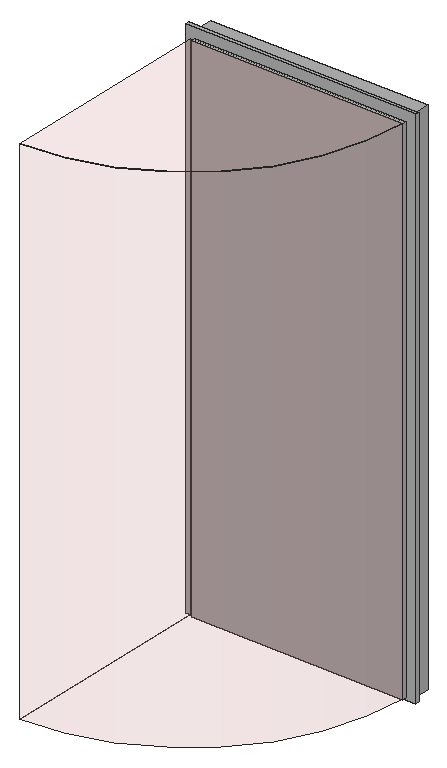
Revit family "ASSA ABLOY - DC 3.1 PP60, single-leaf, angular frame", category Doors, host Wall, Revit 2021
Family settings
  Host = Wall
  OmniClass Number = 23.30.10.00
  OmniClass Title = Doors
  Always vertical = Yes
  Cut with Voids When Loaded = No
  Shared = No
  Room Calculation Point = No
Parameters (values of type "800 x 2100 (802 x 2100)")
  URL = "https://www.assaabloy.com/pl/pl"
  Type Comments = "Door leaf made of two pressed zinc-plated steel sheets 1,5mm thick. Reinforced with \"C\" profiles and steel construction, filled with gypsum boards and mineral wool. Door with 4-sided thick rebate with gasket."
  Symbol Radius = Door Leaf Width + 11.000 mm  # 885.500 mm
  Rough Width Conversion = 97.500 mm  # constant formula
  Rough Width Adjustment = 0.000 mm  # constant formula
  Rough Height Real = Height Round + Rough Height Conversion + Rough Height Adjustment  # 2170.000 mm
  Rough Height Conversion = 70.000 mm  # constant formula
  Rough Height Adjustment = 0.000 mm  # constant formula
  Opening Zone [instance] = yes
  Model = "Doorset_Steel security door RC4, Rw(dB)=47, EI60/ Access control-both sides, emergency door control device_ASSA ABLOY Opening Solutions_Hardware 3D"
  Hinges Material = Default steel
  HW Item 9 = "1x CH101: defender_ABLOY"
  HW Item 8 = "1x Presto 3-20/042: U-shape handle set on round rosettes (with ABLOY®ACTIVE coating in option)_ABLOY"
  HW Item 13 = "1x 1386: emergency door control device with time delay (compliance with local regulations required)"
  HW Item 12 = "1x Incedo: Access Control Set_ASSA ABLOY (option)"
  HW Item 11 = "2x HID SIGNO 40K: Card reader with keypad, two-factor authentication_HID"
  HW Item 10 = "1x 206253: Vercy door stopper, max 120 kg_ASSA ABLOY (option) "
  Frame Finish [instance] = ""
  Fire Rating = "EI60"  # constant formula
  Width Round = roundup((Width / 5.000 mm)) * 5.000 mm  # 800.000 mm
  Thickness = 67.000 mm  # constant formula
  Smoke Rating = "Sa, S200"
  Rough Width = Width Round + Rough Width Conversion + Rough Width Adjustment + 2.500 mm  # 900.000 mm
  Rough Height = Height Round + Rough Height Conversion + Rough Height Adjustment  # 2170.000 mm
  Readme = "The actual lintel height is consistent with the Rough Height parameter.\nThe final HW Set should be consistent with the function of the door and its  parameters.\nHardware mounted on door surface may affect the clear passage opening. For verification, please contact the specification department."
  Provider = "ASSA ABLOY Opening Solutions"
  Product Group = "Single-Steel-Access Control"
  Name = "Steel security door RC4, Rw(dB)=47, EI60/ Access control-both sides, emergency door control device"
  Min Door Width = 600.000 mm
  Min Door Height = 1600.000 mm
  Mechanical Strength = 4
  Max Door Width = 1140.000 mm
  Max Door Height = 2395.000 mm
  Manufacturer = "ASSA ABLOY"  # constant formula
  IfcExportType = "USERDEFINED"
  IfcExportAs = "IfcDoorType"
  Rough Width Real = Width Round + Rough Width Conversion + Rough Width Adjustment  # 897.500 mm
  Height Round = roundup((Height / 5.000 mm)) * 5.000 mm  # 2100.000 mm
  Hardware Set = "1.7PL"
  HW Item 7 = "1x ABLOY Protec2: Euro profile cylinder in disc technology_ABLOY "
  HW Item 6 = "1x EA219: cable 10m"
  HW Item 5 = "1x EA280/ EA281: lead cover"
  HW Item 4 = "1x EL567: high security,  both handles controlled, electromechanical multipoint mortice lockcase with automatic dead locking system_ABLOY"
  HW Item 3 = "1x A153: mechanical opening damper_ASSA ABLOY (option)"
  HW Item 2 = "1x G195: door closer guide rail_ASSA ABLOY"
  HW Item 1 = "1x DC700/ DC500: door closer, Cam-Motion®_ASSA ABLOY"
  Function = Interior
  Height = 2100.000 mm
  Wall Closure = By host
  Width = 800.000 mm
  Frame Type = "Welded steel C-shaped frame made of zinc-plated sheet 3mm thick with EPDM gasket."
  Frame Material = Default steel
  Family name = "1.7_DOORSET_DC3.1 PP60_SINGLE-LEAF_CORNER FRAME_ASSA ABLOY PL"
  Environmental Product Declaration (EPD) = "To be confirmed with Provider"  # constant formula
  Environmental Management System = "To be confirmed with Provider"  # constant formula
  Edition number = "1"
  Door Type = "DC3.1 PP60"
  Door Material = Default steel
  Door Leaf Width = Width Round + Rough Width Adjustment + 74.500 mm  # 874.500 mm
  Door Finish Push Side [instance] = ""
  Door Finish Pull Side [instance] = ""
  Description = "DC3.1 PP60, door leaf made of two pressed zinc-plated steel sheets 1,5mm thick. Reinforced with \"C\" profiles and steel construction, filled with gypsum boards and mineral wool. Door with 4-sided thick rebate with gasket. Operating forces – class 2 according to EN 12217:2005. Mechanical strength – class 4 according to EN 1192:2001. Thermal transmittance Uw=2,2W/m²K according to EN ISO10077-1:2007. Burglary resistance – class RC4 according to EN 1627:2012. Smoke tightness – Sa, S200 according to EN 16034:2014. Acoustic rating - Rw=47dB according to PN-EN ISO 717-1:2013-08. Hinges with ball bearings, main lock: multipoint class 7 according to EN 12209, three anti-burglary bolts. Welded steel C-shaped frame, made of zinc-plated sheet 3mm thick with EPDM gasket. 20mm fixed threshold. Optional: low threshold or drop-down seal."
  Date of publishing = ""
  Contact Provider = "https://www.assaabloy.com/pl/pl/solutions/topics/bim-specification/contact"
  Brand = "Donimet Bis Sp. z o. o."  # constant formula
  Author = "www.archispace.pl"
Types (4, lengths in mm): name | Symbol Radius | Rough Height Real | Width Round | Rough Width | Rough Height | Rough Width Real | Height Round | Height | Width | Door Leaf Width
  800 x 2100 (802 x 2100) | 885.500 | 2170.000 | 800.000 | 900.000 | 2170.000 | 897.500 | 2100.000 | 2100.000 | 800.000 | 874.500
  900 x 2100 (902 x 2100) | 985.500 | 2170.000 | 900.000 | 1000.000 | 2170.000 | 997.500 | 2100.000 | 2100.000 | 900.000 | 974.500
  1000 x 2100 (1002 x 2100) | 1085.500 | 2170.000 | 1000.000 | 1100.000 | 2170.000 | 1097.500 | 2100.000 | 2100.000 | 1000.000 | 1074.500
  1140 x 2280 (1142 x 2280) | 1225.500 | 2350.000 | 1140.000 | 1240.000 | 2350.000 | 1237.500 | 2280.000 | 2280.000 | 1140.000 | 1214.500
Reference planes
  plane 1: y = 0
  plane 2 "Center (Left/Right)": x = 0
  plane 3: z = 2170
  plane 4 "Exterior": y = 120
  plane 5 "Interior": y = -120
  plane 6: x = -448.75
  plane 7: x = 448.75
  plane 8: z = 2100
  plane 9: y = -84
  plane 10: y = -136
  plane 11: z = 9.5
  plane 12: z = 26
  plane 13: z = 2115
  plane 14: y = -41
  plane 15: y = -139
  plane 16: x = -450
  plane 17: x = 450
  plane 18: y = -157
  plane 19: x = -435.5
  plane 20: x = -420.75
  plane 21: x = 420.75
  plane 22: z = 2148.5
  plane 23: y = -90
  plane 24: x = -391.25
  plane 25: x = 408.75
  plane 26: z = 2132
  plane 27: x = -448.25
  plane 28: y = -147
Forms (mm)
  Sweep 1, solid, material "Default steel" <- "Frame Material"
    path origin (0, -120, 0) x (1, 0, 0) y (0, 0, 1)
      loop
        line (-448.75, 0) -> (-448.75, 2170) -> (448.75, 2170) -> (448.75, 0)
    profile origin (-448.75, -120, 1085) x (-1, 0, 0) y (0, -1, 0)
      loop
        line (28, 0) -> (28, 16) -> (-22, 16) -> (-22, -36) -> (-40, -36) -> (-40, -79) -> (0, -79) -> (0, 0) -> (28, 0)
  Sweep 2, solid, material "Default steel" <- "Frame Material"
    path origin (-5000, -120, 0) x (1, 0, 0) y (0, 0, 1)
      loop
        line (4573.25, 0) -> (5426.75, 0)
    profile origin (0, -120, 0) x (0, 0, 1) y (0, -1, 0)
      loop
        line (0, 16) -> (0, -79) -> (20, -79) -> (20, 16) -> (0, 16)
  Sweep 3, solid, material "Opening zone", visible <- "Opening Zone"
    path origin (-5036, 0, 0) x (-1, 0, 0) y (0, 0, 1)
      loop
        line (-5000, 9.5) -> (-5000, 2148.5)
    profile origin (-36, 0, 1079) x (1, 0, 0) y (0, 1, 0)
      loop
        line (-412.25, -147) -> (-412.25, -1032.5)
        arc (-412.25, -1032.5) -> (213.893, -773.143) -> (473.25, -147) r 885.5
        line (473.25, -147) -> (-412.25, -147)
  Sweep 4, solid, material "Default steel" <- "Frame Material"
    path origin (-5000, 0, 0) x (-1, 0, 0) y (0, 0, 1)
      loop
        line (-5000, 2148.5) -> (-5000, 9.5)
    profile origin (0, 0, 1079) x (0, 1, 0) y (-1, 0, 0)
      loop
        line (-157, 437.25) -> (-157, -437.25) -> (-139, -437.25) -> (-139, 437.25) -> (-157, 437.25)
  Sweep 5, solid, material "Default steel" <- "Frame Material"
    path origin (0, 120, 0) x (1, 0, 0) y (0, 0, 1)
      loop
        line (0, 26) -> (0, 2132)
    profile origin (0, 120, 1079) x (-1, 0, 0) y (0, -1, 0)
      loop
        line (420.75, 259) -> (-420.75, 259) -> (-420.75, 210) -> (420.75, 210) -> (420.75, 259)
  Sweep 6, solid, material "Default steel" <- "Frame Material"
    path origin (0, -120, 0) x (1, 0, 0) y (0, 0, 1)
      loop
        line (-436.5, 2170) -> (436.5, 2170)
    profile origin (0, -120, 2170) x (0, 0, 1) y (0, -1, 0)
      loop
        line (-22, 16) -> (-32, 16) -> (-32, -36) -> (-22, -36) -> (-22, 16)
      loop
        line (-40, -79) -> (-40, -36) -> (-50, -36) -> (-50, -79) -> (-40, -79)
  Sweep 7, void
    path origin (0, 120, 0) x (1, 0, 0) y (0, 0, 1)
      loop
        line (-476.75, 2170) -> (476.75, 2170)
    profile origin (0, 120, 2170) x (0, 0, 1) y (0, -1, 0)
      loop
        line (18, 240) -> (28, 240) -> (28, 256) -> (18, 256) -> (18, 240)
Cuts and joins
  Sweep 7 cuts Sweep 1
  joined: Sweep 1, Sweep 2, Sweep 6
  joined: Sweep 4, Sweep 5
Lines and regions (mm)
  Opening 1
    outline origin (-3050, -120, 0) x (1, 0, 0) y (0, 0, 1)
      loop
        line (2600, 0) -> (3500, 0) -> (3500, 2170) -> (2600, 2170) -> (2600, 0)
  Masking region 1, detail levels fine
    outline origin (-1132.682, -300, 2037) x (-1, 0, 0) y (0, -1, 0)
      loop
        line (-683.932, -259) -> (-683.932, -180) -> (-655.932, -180) -> (-655.932, -164) -> (-705.932, -164) -> (-705.932, -216) -> (-723.932, -216) -> (-723.932, -259) -> (-683.932, -259)
      loop
        line (-1609.432, -164) -> (-1609.432, -180) -> (-1581.432, -180) -> (-1581.432, -259) -> (-1541.432, -259) -> (-1541.432, -216) -> (-1559.432, -216) -> (-1559.432, -164) -> (-1609.432, -164)
  Masking region 2, detail levels medium
    outline origin (-1132.682, -300, 2037) x (-1, 0, 0) y (0, -1, 0)
      loop
        line (-683.932, -259) -> (-683.932, -180) -> (-655.932, -180) -> (-655.932, -164) -> (-723.932, -164) -> (-723.932, -259) -> (-683.932, -259)
      loop
        line (-1581.432, -259) -> (-1541.432, -259) -> (-1541.432, -164) -> (-1609.432, -164) -> (-1609.432, -180) -> (-1581.432, -180) -> (-1581.432, -259)
  Masking region 3, detail levels fine
    outline origin (-1132.682, -300, 2037) x (-1, 0, 0) y (0, -1, 0)
      loop
        circle (-684.432, -153) r 11
  symbolic lines, style "Elevation Swing"
    curve 1: line (408.75, -120, 1085) -> (-420.75, -120, 2115)
    curve 2: line (408.75, -120, 1085) -> (-420.75, -120, 9.5)
Text (mm)
  text "Exterior" at (-1376.75, 1099.543, 0), in view "Ref. Level"
  text "Exterior" at (0, 1615.38, 3698.081), in view "Left"
  text "Exterior" at (0, 1036.032, 3874.932), in view "Right"
Dimensions and locks
  "Rough Height": plane 3 to host wall
  equal spacing: host wall, curve 2, plane 3
  host wall to plane 3 = 2170.000 mm
  locked: plane 4 "Exterior" to host wall
  locked: plane 5 "Interior" to host wall
  equal spacing: plane 6, plane 2 "Center (Left/Right)", plane 7
  "Rough Width Real": plane 6 to plane 7
  "Height": plane 8 to level
  plane 11 to level = 9.500 mm
  locked: plane 12 to level at 26
  locked: plane 5 "Interior" to plane 10 at 16
  locked: plane 5 "Interior" to plane 14 at 79
  equal spacing: plane 16, plane 2 "Center (Left/Right)", plane 17
  "Rough Width": plane 16 to plane 17
  locked: plane 5 "Interior" to plane 15 at 19
  locked: plane 10 to plane 18 at 21
  locked: plane 16 to plane 19 at 14.5
  locked: Masking region 2 sketch curve to Masking region 2 sketch curve at 40
  plane 16 to plane 17 = 900.000 mm
  locked: Masking region 1 sketch curve to Masking region 1 sketch curve at 22  (x2)
  locked: Masking region 1 sketch curve to Masking region 1 sketch curve at 16
  locked: Masking region 1 sketch curve to Masking region 1 sketch curve at 28  (x2)
  locked: Masking region 1 sketch curve to Masking region 1 sketch curve at 40
  Masking region 1 sketch curve to Masking region 1 sketch curve = 43.000 mm
  Masking region 1 sketch curve to Masking region 1 sketch curve = 16.000 mm
  locked: Sweep 2 sketch curve to plane 15 at 3
  locked: Sweep 2 sketch curve to Sweep 2 sketch curve at 95
  plane 12 to level = 26.000 mm
  locked: plane 11 to level at 9.5
  locked: plane 22 to plane 3 at 21.5
  locked: plane 23 to plane 18 at 67
  plane 14 to plane 18 = 116.000 mm
  locked: plane 9 to plane 14 at 43
  plane 14 to Sweep 3 = 106.000 mm
  Sweep 5 sketch curve to plane 18 = 18.000 mm
  locked: plane 17 to Sweep 6 sketch curve at 13.5
  locked: plane 16 to Sweep 6 sketch curve at 13.5
  Sweep 2 to plane 18 = 116.000 mm
  locked: plane 25 to plane 7 at 40
  locked: plane 6 to plane 24 at 57.5
  level to plane 3 = 2170.000 mm
  locked: plane 6 to Masking region 2 sketch curve at 40
  Masking region 2 sketch curve to plane 6 = 28.000 mm
  locked: Masking region 2 sketch curve to Masking region 2 sketch curve at 28
  nested 1 to plane 25 = 800.000 mm
  level to cut or joined group of Sweep 1, Sweep 2, Sweep 6, Sweep 7 = 2188.000 mm
  locked: plane 6 to plane 20 at 28
  locked: plane 21 to plane 7 at 28
  locked: Sweep 4 sketch curve to plane 7 at 11.5
  locked: plane 6 to Sweep 4 sketch curve at 11.5
  locked: plane 22 to plane 26 at 16.5
  locked: plane 6 to plane 27 at 0.5
  "Symbol Radius": radius of Sweep 3 sketch curve
  aligned and locked: Opening 1 sketch curve to level
  aligned and locked: plane 1 to host wall
  aligned and locked: level to Sweep 1 sketch curve  (x2)
  aligned and locked: Sweep 1 sketch curve to plane 6  (x2)
  aligned and locked: plane 7 to Sweep 1 sketch curve
  aligned and locked: Sweep 2 sketch curve to level
  aligned and locked: plane 11 to curve 2
  aligned and locked: plane 5 "Interior" to Masking region 1 sketch curve
  aligned and locked: Masking region 1 sketch curve to plane 5 "Interior"
  aligned and locked: plane 10 to Masking region 2 sketch curve
  aligned and locked: plane 14 to Masking region 2 sketch curve
  aligned and locked: plane 5 "Interior" to Masking region 2 sketch curve
  aligned and locked: Masking region 2 sketch curve to plane 5 "Interior"
  aligned and locked: Masking region 2 sketch curve to plane 14
  aligned and locked: Masking region 2 sketch curve to plane 10
  aligned and locked: plane 16 to Opening 1 sketch curve
  aligned and locked: plane 17 to Opening 1 sketch curve
  aligned and locked: Sweep 1 sketch curve to plane 14
  aligned and locked: Sweep 1 sketch curve to Masking region 1  (x2)
  aligned and locked: Masking region 1 to Sweep 1 sketch curve  (x2)
  aligned and locked: Masking region 1 sketch curve to Masking region 1 sketch curve
  aligned and locked: plane 2 "Center (Left/Right)" to Sweep 4 sketch curve
  aligned and locked: plane 22 to Sweep 4 sketch curve
  aligned and locked: plane 11 to Sweep 4 sketch curve
  aligned and locked: Sweep 4 sketch curve to plane 18
  aligned and locked: plane 2 "Center (Left/Right)" to Sweep 5 sketch curve
  aligned and locked: plane 12 to Sweep 5 sketch curve
  aligned and locked: plane 9 to Masking region 1 sketch curve
  aligned and locked: Sweep 4 sketch curve to plane 15
  aligned and locked: plane 14 to Sweep 6 sketch curve
  aligned and locked: plane 9 to Sweep 6 sketch curve
  aligned and locked: plane 3 to Sweep 7 sketch curve
  aligned and locked: Sweep 3 sketch curve to Sweep 3 sketch curve
  aligned and locked: Masking region 2 sketch curve to plane 6
  aligned and locked: Masking region 2 sketch curve to plane 7
  aligned and locked: Masking region 1 sketch curve to plane 6
  aligned and locked: Masking region 1 sketch curve to Masking region 2  (x2)
  aligned and locked: cut or joined group of Sweep 1, Sweep 2, Sweep 6, Sweep 7 to Sweep 7 sketch curve  (x2)
  aligned and locked: plane 22 to Sweep 3 sketch curve
  aligned and locked: plane 11 to Sweep 3 sketch curve
  aligned and locked: plane 20 to Sweep 5 sketch curve
  aligned and locked: Sweep 5 sketch curve to plane 21
  aligned and locked: plane 3 to Sweep 1 sketch curve
  aligned and locked: plane 26 to Sweep 5 sketch curve
  aligned and locked: nested 1 to plane 6
  aligned and locked: plane 5 "Interior" to nested 1
  aligned and locked: plane 28 to Masking region 3 sketch curve
  aligned and locked: plane 27 to Masking region 3 sketch curve
  aligned and locked: plane 28 to Sweep 3 sketch curve
  aligned and locked: plane 27 to Sweep 3 sketch curve
  aligned and locked: Sweep 3 sketch curve to plane 27
  aligned and locked: plane 20 to curve 2
  aligned and locked: plane 25 to curve 2
  aligned and locked: plane 13 to curve 1
  aligned and locked: plane 20 to curve 1
Automatic sketch dimensions
  profile plane to Sweep 2 sketch curve = 0.000 mm
  Sweep 2 sketch curve to Sweep 2 sketch curve = 20.000 mm
  Opening 1 sketch curve to plane 3 = 0.000 mm
  Sweep 3 sketch curve to plane 2 "Center (Left/Right)" = 36.000 mm
  plane 14 to Masking region 1 sketch curve = 0.000 mm
  profile plane to Sweep 6 sketch curve = 50.000 mm
  Sweep 6 sketch curve to Sweep 6 sketch curve = 10.000 mm  (x2)
  Sweep 6 sketch curve to Sweep 6 sketch curve = 8.000 mm
  plane 5 "Interior" to Sweep 6 sketch curve = 16.000 mm
  Sweep 6 sketch curve to Sweep 6 sketch curve = 0.000 mm
  Sweep 7 sketch curve to profile plane = 18.000 mm
  Sweep 7 sketch curve to profile plane = 28.000 mm
  plane 4 "Exterior" to Sweep 7 sketch curve = 240.000 mm
  Sweep 7 sketch curve to Sweep 7 sketch curve = 16.000 mm
  Sweep 2 sketch curve to plane 20 = 6.000 mm
  plane 21 to Sweep 2 sketch curve = 6.000 mm
  Sweep 6 sketch curve to plane 3 = 0.000 mm
  Sweep 5 sketch curve to Sweep 5 sketch curve = 49.000 mm
  plane 5 "Interior" to Sweep 1 sketch curve = 0.000 mm
  plane 5 "Interior" to Sweep 1 sketch curve = 16.000 mm
  radius of Masking region 3 sketch curve = 11.000 mm
Nested families
  nested 1: "Detail_Door symbol" at (0, -120, 2037), type "Detail_Door symbol"
Definition of nested family "Detail_Door symbol"
  Parameters (values of type "Detail_Door symbol")
    Symbol Radius = 885.500 mm
    Rough Width = 897.500 mm
    Door Leaf Width = 874.500 mm
  Reference planes
    plane 1 "Center (Front/Back)": y = 0
    plane 2: z = 0
    plane 3 "Center (Left/Right)": x = 0
    plane 4: x = -448.75
    plane 5: x = 448.75
    plane 6: y = -27
    plane 7: x = -448.25
    plane 8: y = -38
    plane 9: y = -54.5
    plane 10: y = -896
    plane 11: y = -912.5
    plane 12: x = -458.25
    plane 13: x = -440.25
    plane 14: x = -391.25
    plane 15: y = -10.5
  Lines and regions (mm)
    Filled region 1, type "Solid Fill - White", in view "Ref. Level", detail levels fine
      outline origin (28.5, 43.059, 0) x (1, 0, 0) y (0, 1, 0)
        loop
          line (-486.75, -81.059) -> (-486.75, -955.559) -> (-468.75, -955.559) -> (-468.75, -939.059) -> (-419.75, -939.059) -> (-419.75, -97.559) -> (-468.75, -97.559) -> (-468.75, -81.059) -> (-486.75, -81.059)
    Filled region 2, type "Solid Fill - White", in view "Ref. Level", detail levels medium
      outline origin (28.5, 43.059, 0) x (1, 0, 0) y (0, 1, 0)
        loop
          line (-486.75, -81.059) -> (-486.75, -955.559) -> (-419.75, -955.559) -> (-419.75, -81.059) -> (-486.75, -81.059)
    detail lines, in view "Ref. Level"
      curve 1: arc (-448.25, -912.5, 0) -> (177.893, -653.143, 0) -> (437.25, -27, 0) r 885.5
    detail lines, in view "Ref. Level", detail levels coarse
      curve 2: line (-448.25, -912.5, 0) -> (-448.25, -27, 0)
  Dimensions and locks
    equal spacing: plane 4, plane 3 "Center (Left/Right)", plane 5
    "Rough Width": plane 4 to plane 5
    locked: plane 8 to plane 9 at 16.5
    locked: plane 11 to plane 10 at 16.5
    "Door Leaf Width": plane 11 to plane 8
    plane 8 to plane 6 to plane 1 "Center (Front/Back)" = 11.000 mm locked, 27.000 mm locked
    locked: plane 15 to plane 1 "Center (Front/Back)" at 10.5
    locked: plane 4 to plane 7 at 0.5
    locked: plane 12 to plane 4 at 9.5
    locked: plane 4 to plane 13 at 8.5
    locked: plane 4 to plane 14 at 57.5
    "Symbol Radius": radius of curve 1
    aligned and locked: plane 7 to curve 1
    aligned and locked: plane 12 to Filled region 1 sketch curve
    aligned and locked: Filled region 1 sketch curve to plane 11
    aligned and locked: Filled region 1 sketch curve to plane 13  (x2)
    aligned and locked: plane 10 to Filled region 1 sketch curve
    aligned and locked: Filled region 1 sketch curve to plane 14
    aligned and locked: Filled region 1 sketch curve to plane 8
    aligned and locked: plane 9 to Filled region 1 sketch curve
    aligned and locked: Filled region 2 sketch curve to plane 8
    aligned and locked: plane 12 to Filled region 2 sketch curve
    aligned and locked: Filled region 2 sketch curve to plane 11
    aligned and locked: Filled region 2 sketch curve to plane 14
    aligned and locked: curve 1 to plane 6  (x2)
  Automatic sketch dimensions
    plane 6 to curve 2 = 0.000 mm
